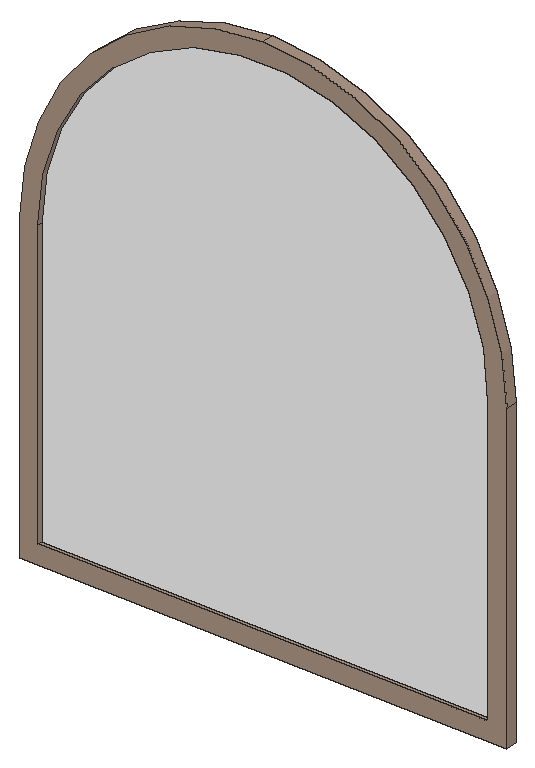
Revit family
Parameters (values of type "800 x 900 mm")
  Width = 800 mm
  Height = 900 mm
  Mounting Height = 900 mm
  Material of Mirror = Mirror Material
  Material of Beading = Beading Material
Reference planes
  plane 1 "Center (Front/Back)": y = 8
  plane 2: z = 0
  plane 3 "Center (Left/Right)": x = 0
  plane 4: x = -400
  plane 5: x = 400
  plane 6: z = 900
  plane 7: z = 1800
  plane 8: y = -11
Forms (mm)
  Extrusion 1, solid, material "Beading Material" <- "Material of Beading"
    sketch origin (-89, 8, 0) x (1, 0, 0) y (0, 0, 1)
      loop
        line (-311, 900) -> (489, 900) -> (489, 1400)
        arc (489, 1400) -> (371.842, 1682.843) -> (89, 1800) r 400
        arc (89, 1800) -> (-193.843, 1682.843) -> (-311, 1400) r 400
        line (-311, 1400) -> (-311, 900)
      loop
        line (-281, 1400) -> (-281, 930) -> (459, 930) -> (459, 1400)
        arc (459, 1400) -> (89, 1770) -> (-281, 1400) r 370
    from 0 to 19
  Extrusion 2, solid, material "Mirror Material" <- "Material of Mirror"
    sketch origin (-89, 8, 0) x (1, 0, 0) y (0, 0, 1)
      loop
        line (-281, 1400) -> (-281, 930) -> (459, 930) -> (459, 1400)
        arc (459, 1400) -> (89, 1770) -> (-281, 1400) r 370
    from 0 to 12
Dimensions and locks
  "Height": plane 7 to plane 6
  "Mounting Height": plane 6 to level
  "Width": plane 5 to plane 4
  locked: plane 8 to plane 1 "Center (Front/Back)" at 19
  plane 4 to plane 5 = 800 mm
  equal spacing: plane 5, plane 3 "Center (Left/Right)", plane 4
  aligned and locked: plane 4 to Extrusion 1
  aligned and locked: plane 5 to Extrusion 1
  aligned and locked: plane 6 to Extrusion 1
  aligned and locked: Extrusion 2 sketch curve to Extrusion 1  (x2)
  aligned and locked: Extrusion 2 to plane 1 "Center (Front/Back)"
  aligned and locked: Extrusion 1 to plane 8
  aligned and locked: plane 3 "Center (Left/Right)" to Extrusion 1 sketch curve
Automatic sketch dimensions
  Extrusion 1 sketch curve to Extrusion 1 sketch curve = 0 mm  (x3)
  Extrusion 1 sketch curve to plane 4 = 0 mm
  Extrusion 1 sketch curve to plane 6 = 0 mm
  Extrusion 1 sketch curve to plane 7 = 0 mm
  Extrusion 1 sketch curve to Extrusion 1 sketch curve = 30 mm
  plane 6 to Extrusion 1 sketch curve = 30 mm
